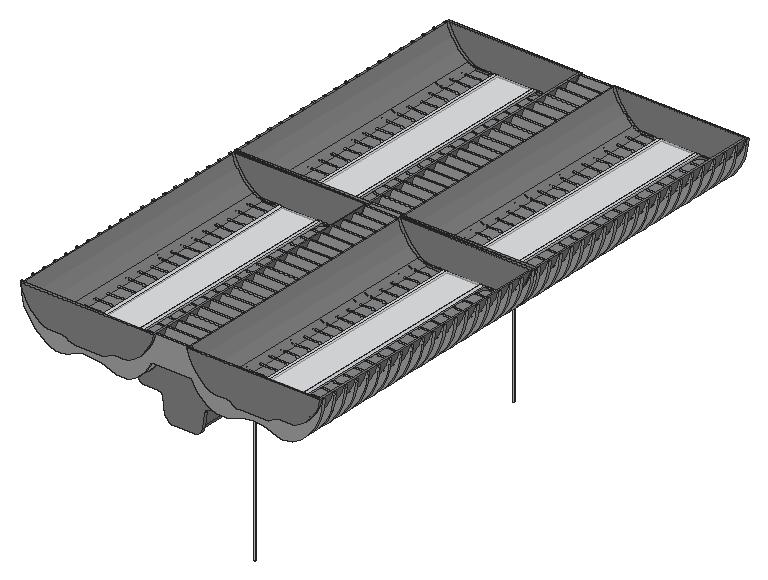
Revit family "0039264 Feilo Sylvania Lighting Fixtures SYLBAY LED 4000K 26KLM WIDE DALI", category Lighting Fixtures, host Face, Revit 2017
Family settings
  Host = Face
  Round Connector Dimension = Use Diameter
  Part Type = Normal
  OmniClass Number = 23.80.70.00
  OmniClass Title = Lighting
  Cut with Voids When Loaded = No
  Light Source = Yes
  Shared = No
  Room Calculation Point = No
Parameters (values of type "0039264 SYLBAY LED 4000K 26KLM WIDE DALI")
  WireRadius_FEILO = 1 mm
  Weight = "8.9 kg"
  Wattage Comments = "n/a"
  Wattage = 185 W
  WarrantyStartDate [instance] = "n/a"
  WarrantyGuarantorParts = "n/a"
  WarrantyDurationUnit = "n/a"
  WarrantyDurationParts = "n/a"
  WarrantyDescription = "n/a"
  built-in parameter 1150110 = 1 (stored number, unit not read)
  Voltage = 230 V
  URL = "http://www.sylvania-lighting.com"
  TypeName = "SYLBAY LED 4000K 26KLM WIDE DALI"
  Type Image = <None>
  Type Comments = "n/a"
  built-in parameter 1114217 = 1 (stored number, unit not read)
  Tilt Angle = -90.00°
  built-in parameter 1150109 = 1 (stored number, unit not read)
  built-in parameter 1150134 = 12
  SuspensionHeight_FEILO [instance] = if(SurfaceMounted_FEILO, 107 mm, SuspensionHeightEntry_FEILO)  # 300 mm
  SuspensionHeightEntry_FEILO [instance] = 300 mm
  SurfaceMounted_FEILO [instance] = no
  built-in parameter 1150113 = 1 (stored number, unit not read)
  SerialNumber [instance] = "n/a"
  ReflectorMaterial = none
  PowerFactor = 0
  PowerConsumption = "185 W"
  Photometric Web File = "0039264.ies"
  NominalLength = 650 mm
  NominalHeight = 105 mm
  NominalDepth = 375 mm
  Name = "SYLBAY LED 4000K 26KLM WIDE DALI"
  ModelReference = "SYLBAY LED 4000K 26KLM WIDE DALI"
  ModelNumber = "0039264"
  Model = "SYLBAY LED 4000K 26KLM WIDE DALI"
  Material = "aluminium housing"
  ManufacturerName = "Feilo Sylvania"
  Manufacturer = "Feilo Sylvania"
  LuminousEfficacy = "139.47 lm/W"
  built-in parameter 1150105 = 15175.6 (stored number, unit not read)
  Lumens = 25802 lm
  LuminaireType = ""
  built-in parameter 1150115 = 1 (stored number, unit not read)
  LightOutputRatio = "100"
  built-in parameter 1150137 = (empty or 0)
  built-in parameter 1150139 = (empty or 0)
  LampsType = Lamp  # "LED"
  LampNominalLuminous = "25942 lm"
  LampMacAdamStep = "n/a"
  LampColourTemperature = "4000 K"
  LampColourRenderingIndex = "80"
  built-in parameter 1150112 = 1 (stored number, unit not read)
  built-in parameter 1150114 = 1 (stored number, unit not read)
  Lamp = "LED"
  Keynote = "16500"
  InstallationDate [instance] = "n/a"
  InputVoltage = "220-240V~"
  InputNominalFrequency = "50/60 Hz"
  built-in parameter 1150132 = (empty or 0)
  built-in parameter 1150102 = (empty or 0)
  built-in parameter 1150107 = 4000 (stored number, unit not read)
  built-in parameter 1150138 = (empty or 0)
  IngressProtection = "IP65"
  ImpactProtectionIndex = "IK08"
  built-in parameter 1150106 = 151.76 (stored number, unit not read)
  IfcExportType = "IfcLightFixtureType"
  IfcExportAs = "IfcLightFixtureType"
  ExpectedLife = 50000
  Emit from Rectangle Width = 365 mm
  Emit from Rectangle Length = 645 mm
  Emit Shape Visible in Rendering = no
  ElectricShockClassification = "Class I"
  built-in parameter 1150104 = 12.957 (stored number, unit not read)
  DurationUnit = "hours"
  DocumentationLiterature = "http://www.sylvania-lighting.com/product/en-int/products/0039264"
  DimmingControlOptions = "Dimmable"
  Dimming Lamp Color Temperature Shift = <None>
  DiffuserMaterial = Diffuser-Sylvania-Sylbay-Transparent
  Description = "Specification industrial high bay luminaire, robust and durable, slim design, high output and efficiency, lightweight, aluminium housing with shatter-resistant polycarbonate lens optic, 26,000 lumens, 185W, 140lm/W, 4000K, 1400mA (x2), CRI 80, wide beam optic, DALI dimmable, IP65, IK08, 100,000 hrs (L90B10), (LxWxH) 665x375x105mm, 3 step MacAdam ellipse, 8.9kg, aluminium finish, Class 1, 220-240V, integrated LED, energy class: A++, A+, A."
  Default Elevation = 1219.2 mm
  CreatedOn = "17/11/2017"
  CreatedBy = ""
  Cost = 0
  Color Filter = 16777215
  built-in parameter 1114216 [instance] = (empty or 0)
  BodyMaterial = Body-Sylvania-Sylbay-Aluminium
  BarCode [instance] = "n/a"
  built-in parameter 1114218 = 1 (stored number, unit not read)
  built-in parameter 1150133 = 10 (stored number, unit not read)
  AssetType = "Fixed"
  AssetIdentifier [instance] = "n/a"
  Assembly Code = "D5020200"
  Apparent Load = 185 VA
  AccessoryMaterial = Accesory-Sylvania-Sylbay-White
Reference planes
  plane 1 "Center (Front/Back)": y = 0
  plane 2: z = 0
  plane 3 "Center (Left/Right)": x = 0
  plane 4: z = 300
  plane 5: y = -307
  plane 6: y = 200
  plane 7: y = -200
  plane 8: z = 237.522
  plane 9: z = 246.272
  plane 10: z = 227.522
  plane 11: z = 266.272
  plane 12: z = 256.272
  plane 13: z = 262.272
  plane 14: y = 307
  plane 15: y = -1
  plane 16: y = 1
  plane 17: y = -310
  plane 18: y = 310
  plane 19: z = 195
  plane 20: z = 193
Forms (mm)
  Extrusion 1, solid, material "Accesory-Sylvania-Sylbay-White" <- "AccessoryMaterial"
    sketch origin (0, 0, 0) x (1, 0, 0) y (0, 0, 1)
      loop
        arc (-39.258, 246.272) -> (-44.534, 242.283) -> (-50.507, 239.445) r 32.519
        arc (-50.507, 239.445) -> (-54.463, 232.388) -> (-48, 227.522) r 6.147
        line (-48, 227.522) -> (-32.102, 227.522)
        arc (-32.102, 227.522) -> (-26.92, 225.616) -> (-24.206, 220.808) r 8
        line (-24.206, 220.808) -> (-21.094, 201.713)
        arc (-21.094, 201.713) -> (-18.38, 196.905) -> (-13.198, 195) r 8
        line (-13.198, 195) -> (13.198, 195)
        arc (13.198, 195) -> (18.393, 196.916) -> (21.099, 201.746) r 8
        line (21.099, 201.746) -> (24.206, 220.808)
        arc (24.206, 220.808) -> (26.92, 225.616) -> (32.102, 227.522) r 8
        line (32.102, 227.522) -> (48, 227.522)
        arc (48, 227.522) -> (54.463, 232.388) -> (50.507, 239.445) r 6.147
        arc (50.507, 239.445) -> (44.534, 242.283) -> (39.258, 246.272) r 32.519
        arc (39.258, 246.272) -> (31.199, 255.531) -> (25.254, 266.272) r 58.361
        line (25.254, 266.272) -> (-25.254, 266.272)
        arc (-25.254, 266.272) -> (-31.199, 255.531) -> (-39.258, 246.272) r 58.361
    from -307 to 307
  Extrusion 2, solid, material "Body-Sylvania-Sylbay-Aluminium" <- "BodyMaterial", detail levels medium+fine
    sketch origin (0, 0, 0) x (1, 0, 0) y (0, 0, 1)
      loop
        arc (-32.102, 225.522) -> (-28.215, 224.093) -> (-26.18, 220.487) r 6
        line (-26.18, 220.487) -> (-23.068, 201.392)
        arc (-23.068, 201.392) -> (-19.676, 195.381) -> (-13.198, 193) r 10
        line (-13.198, 193) -> (13.198, 193)
        arc (13.198, 193) -> (19.69, 195.393) -> (23.074, 201.428) r 10
        line (23.074, 201.428) -> (26.18, 220.487)
        arc (26.18, 220.487) -> (28.215, 224.093) -> (32.102, 225.522) r 6
        line (32.102, 225.522) -> (47.932, 225.522)
        arc (47.932, 225.522) -> (54.718, 228.451) -> (56.343, 235.661) r 8.147
        arc (56.343, 235.661) -> (55.292, 237.506) -> (53.445, 238.553) r 4
        arc (53.445, 238.553) -> (45.865, 241.518) -> (39.258, 246.272) r 32.519
        arc (39.258, 246.272) -> (32.89, 253.237) -> (27.728, 261.137) r 58.361
        arc (27.728, 261.137) -> (25.523, 263.429) -> (22.456, 264.272) r 6
        line (22.456, 264.272) -> (-22.456, 264.272)
        arc (-22.456, 264.272) -> (-25.523, 263.429) -> (-27.728, 261.137) r 6
        arc (-27.728, 261.137) -> (-32.89, 253.237) -> (-39.258, 246.272) r 58.361
        arc (-39.258, 246.272) -> (-45.865, 241.518) -> (-53.445, 238.553) r 32.519
        arc (-53.445, 238.553) -> (-55.292, 237.506) -> (-56.343, 235.661) r 4
        arc (-56.343, 235.661) -> (-54.718, 228.451) -> (-47.932, 225.522) r 8.147
        line (-47.932, 225.522) -> (-32.102, 225.522)
    from 307 to 310
  Extrusion 3, solid, detail levels medium+fine
    sketch origin (0, 0, 0) x (1, 0, 0) y (0, 0, 1)
      loop
        line (-47.932, 225.522) -> (-32.102, 225.522)
        arc (-32.102, 225.522) -> (-28.215, 224.093) -> (-26.18, 220.487) r 6
        line (-26.18, 220.487) -> (-23.068, 201.392)
        arc (-23.068, 201.392) -> (-19.676, 195.381) -> (-13.198, 193) r 10
        line (-13.198, 193) -> (13.198, 193)
        arc (13.198, 193) -> (19.69, 195.393) -> (23.074, 201.428) r 10
        line (23.074, 201.428) -> (26.18, 220.487)
        arc (26.18, 220.487) -> (28.215, 224.093) -> (32.102, 225.522) r 6
        line (32.102, 225.522) -> (47.932, 225.522)
        arc (47.932, 225.522) -> (54.718, 228.451) -> (56.343, 235.661) r 8.147
        arc (56.343, 235.661) -> (55.292, 237.506) -> (53.445, 238.553) r 4
        arc (53.445, 238.553) -> (45.865, 241.518) -> (39.258, 246.272) r 32.519
        arc (39.258, 246.272) -> (32.89, 253.237) -> (27.728, 261.137) r 58.361
        arc (27.728, 261.137) -> (25.523, 263.429) -> (22.456, 264.272) r 6
        line (22.456, 264.272) -> (-22.456, 264.272)
        arc (-22.456, 264.272) -> (-25.523, 263.429) -> (-27.728, 261.137) r 6
        arc (-27.728, 261.137) -> (-32.89, 253.237) -> (-39.258, 246.272) r 58.361
        arc (-39.258, 246.272) -> (-45.865, 241.518) -> (-53.445, 238.553) r 32.519
        arc (-53.445, 238.553) -> (-55.292, 237.506) -> (-56.343, 235.661) r 4
        arc (-56.343, 235.661) -> (-54.718, 228.451) -> (-47.932, 225.522) r 8.147
    from -310 to -307
  Extrusion 4, solid
    sketch origin (-316.531, -4572, 195) x (-1, 0, 0) y (0, -1, 0)
      loop
        circle (-316.531, -4772) r 1
      loop
        circle (-316.531, -4372) r 1
    from 0 to -195
Dimensions and locks
  "SuspensionHeight_FEILO": plane 4 to plane 2
  equal spacing: plane 7, plane 1 "Center (Front/Back)", plane 6
  locked: plane 1 "Center (Front/Back)" to plane 6 at 200
  locked: plane 4 to plane 8 at 62.478
  locked: plane 4 to plane 9 at 53.728
  plane 4 to plane 10 = 72.478 mm
  locked: plane 4 to plane 11 at 33.728
  locked: plane 12 to plane 9 at 10
  locked: plane 13 to plane 12 at 6
  locked: plane 3 "Center (Left/Right)" to Extrusion 1 sketch curve at 48.447
  locked: Extrusion 1 sketch curve to plane 3 "Center (Left/Right)" at 48.447
  locked: plane 4 to Extrusion 1 sketch curve at 66.347  (x2)
  Extrusion 1 sketch curve to plane 3 "Center (Left/Right)" to Extrusion 1 sketch curve = 13.198 mm locked, 13.198 mm locked
  Extrusion 1 sketch curve to plane 3 "Center (Left/Right)" to Extrusion 1 sketch curve = 32.102 mm locked, 32.102 mm locked
  locked: plane 4 to Extrusion 1 sketch curve at 97  (x2)
  locked: plane 4 to Extrusion 1 sketch curve at 80.478  (x2)
  equal spacing: plane 15, plane 1 "Center (Front/Back)", plane 16
  locked: plane 10 to Extrusion 2 sketch curve at 2
  plane 10 to Extrusion 2 sketch curve = 2 mm
  locked: Extrusion 2 sketch curve to Extrusion 1 at 2  (x2)
  locked: Extrusion 2 sketch curve to plane 3 "Center (Left/Right)" at 52.466
  locked: plane 3 "Center (Left/Right)" to Extrusion 2 sketch curve at 52.466
  locked: plane 4 to Extrusion 2 sketch curve at 65.325  (x2)
  locked: plane 4 to Extrusion 2 sketch curve at 41.728  (x2)
  locked: plane 3 "Center (Left/Right)" to Extrusion 2 sketch curve at 22.456
  locked: Extrusion 2 sketch curve to plane 3 "Center (Left/Right)" at 22.456
  locked: plane 4 to plane 19 at 105
  locked: plane 19 to plane 20 at 2
  locked: plane 1 "Center (Front/Back)" to plane 18 at 310
  locked: plane 14 to plane 18 at 3
  locked: plane 17 to plane 1 "Center (Front/Back)" at 310
  locked: plane 17 to plane 5 at 3
  locked: plane 15 to plane 1 "Center (Front/Back)" at 1
  "WireRadius_FEILO": radius of Extrusion 4 sketch curve  (x2)
  aligned and locked: plane 2 to host face
  aligned and locked: level to host face
  aligned and locked: plane 10 to Extrusion 1 sketch curve
  aligned and locked: plane 5 to Extrusion 1
  aligned and locked: Extrusion 1 to plane 14
  aligned and locked: imposter light to plane 4
  aligned and locked: plane 3 "Center (Left/Right)" to imposter light
  aligned and locked: plane 1 "Center (Front/Back)" to imposter light
  aligned and locked: plane 17 to Extrusion 2
  aligned and locked: Extrusion 2 to plane 5
  aligned and locked: Extrusion 3 sketch curve to Extrusion 2  (x15)
  aligned and locked: Extrusion 3 to Extrusion 1
  aligned and locked: Extrusion 3 to plane 18
  aligned and locked: Extrusion 1 sketch curve to plane 19
  aligned and locked: plane 7 to Extrusion 4 sketch curve
  aligned and locked: plane 3 "Center (Left/Right)" to Extrusion 4 sketch curve  (x2)
  aligned and locked: plane 6 to Extrusion 4 sketch curve
  aligned and locked: Extrusion 1 to Extrusion 4
  aligned and locked: Extrusion 4 to level
  aligned and locked: plane 20 to Extrusion 2 sketch curve
  aligned and locked: plane 3 "Center (Left/Right)" to nested 1
  aligned and locked: plane 3 "Center (Left/Right)" to nested 22
  aligned and locked: plane 15 to nested 22
  aligned and locked: plane 16 to nested 1
Automatic sketch dimensions
  host sketch curve to host sketch curve = 2438.4 mm  (x2)
  Extrusion 1 sketch curve to plane 9 = 0 mm  (x4)
  Extrusion 1 sketch curve to plane 10 = 0 mm
  plane 11 to Extrusion 1 sketch curve = 3.811 mm
  Extrusion 1 sketch curve to Extrusion 1 sketch curve = 36.151 mm  (x2)
  Extrusion 1 sketch curve to plane 4 = 10.994 mm  (x2)
  Extrusion 1 sketch curve to plane 11 = 0 mm
  plane 9 to Extrusion 1 sketch curve = 23.811 mm
  Extrusion 1 sketch curve to plane 10 = 6.713 mm  (x2)
  plane 19 to Extrusion 1 sketch curve = 6.713 mm
  Extrusion 3 sketch curve to plane 10 = 7.035 mm  (x2)
  plane 19 to Extrusion 3 sketch curve = 6.392 mm
  plane 19 to Extrusion 1 sketch curve = 6.746 mm
  plane 19 to Extrusion 3 sketch curve = 6.428 mm
  plane 3 "Center (Left/Right)" to Extrusion 1 sketch curve = 25.254 mm
  Extrusion 1 sketch curve to Extrusion 1 sketch curve = 0.447 mm  (x2)
  Extrusion 1 sketch curve to Extrusion 1 sketch curve = 12.959 mm
  Extrusion 2 sketch curve to plane 9 = 0 mm  (x4)
  plane 11 to Extrusion 2 sketch curve = 3.811 mm  (x2)
  Extrusion 2 sketch curve to Extrusion 2 sketch curve = 8.939 mm  (x2)
  Extrusion 2 sketch curve to plane 4 = 10.994 mm  (x2)
  Extrusion 2 sketch curve to Extrusion 2 sketch curve = 17.6 mm  (x2)
  Extrusion 2 sketch curve to Extrusion 2 sketch curve = 4.02 mm  (x2)
  Extrusion 2 sketch curve to Extrusion 2 sketch curve = 0.514 mm
  Extrusion 2 sketch curve to plane 10 = 8 mm
  Extrusion 2 sketch curve to plane 10 = 7.035 mm  (x2)
  plane 19 to Extrusion 2 sketch curve = 6.392 mm
  plane 19 to Extrusion 2 sketch curve = 8 mm
  plane 3 "Center (Left/Right)" to Extrusion 2 sketch curve = 13.198 mm
  plane 19 to Extrusion 2 sketch curve = 6.428 mm
  Extrusion 2 sketch curve to Extrusion 2 sketch curve = 5.922 mm
  Extrusion 2 sketch curve to Extrusion 2 sketch curve = 4.534 mm
  Extrusion 2 sketch curve to plane 8 = 3.869 mm  (x2)
  Extrusion 2 sketch curve to plane 11 = 2 mm
  Extrusion 2 sketch curve to Extrusion 2 sketch curve = 0 mm  (x2)
Nested families
  nested 1: "SylbayBody" at (0, 166, 266.272), type "SylbayBody"
  nested 2: "SlybayRib" at (0, 310.453, 300), type "SylbayRib"
  nested 3: "SlybayRib" at (0, 293.406, 300), type "SylbayRib"
  nested 4: "SlybayRib" at (0, 276.358, 300), type "SylbayRib"
  nested 5: "SlybayRib" at (0, 259.311, 300), type "SylbayRib"
  nested 6: "SlybayRib" at (0, 242.264, 300), type "SylbayRib"
  nested 7: "SlybayRib" at (0, 225.217, 300), type "SylbayRib"
  nested 8: "SlybayRib" at (0, 208.169, 300), type "SylbayRib"
  nested 9: "SlybayRib" at (0, 191.122, 300), type "SylbayRib"
  nested 10: "SlybayRib" at (0, 327.5, 300), type "SylbayRib"
  nested 11: "SlybayRib" at (0, 21.547, 300), type "SylbayRib"
  nested 12: "SlybayRib" at (0, 38.594, 300), type "SylbayRib"
  nested 13: "SlybayRib" at (0, 55.642, 300), type "SylbayRib"
  nested 14: "SlybayRib" at (0, 72.689, 300), type "SylbayRib"
  nested 15: "SlybayRib" at (0, 89.736, 300), type "SylbayRib"
  nested 16: "SlybayRib" at (0, 106.783, 300), type "SylbayRib"
  nested 17: "SlybayRib" at (0, 123.831, 300), type "SylbayRib"
  nested 18: "SlybayRib" at (0, 140.878, 300), type "SylbayRib"
  nested 19: "SlybayRib" at (0, 4.5, 300), type "SylbayRib"
  nested 20: "SlybayRib" at (0, 174.075, 300), type "SylbayRib"
  nested 21: "SlybayRib" at (0, 157.925, 300), type "SylbayRib"
  nested 22: "SylbayBody" at (0, -166, 266.272), type "SylbayBody"
  nested 23: "SlybayRib" at (0, -21.547, 300), type "SylbayRib"
  nested 24: "SlybayRib" at (0, -38.594, 300), type "SylbayRib"
  nested 25: "SlybayRib" at (0, -55.642, 300), type "SylbayRib"
  nested 26: "SlybayRib" at (0, -72.689, 300), type "SylbayRib"
  nested 27: "SlybayRib" at (0, -89.736, 300), type "SylbayRib"
  nested 28: "SlybayRib" at (0, -106.783, 300), type "SylbayRib"
  nested 29: "SlybayRib" at (0, -123.831, 300), type "SylbayRib"
  nested 30: "SlybayRib" at (0, -140.878, 300), type "SylbayRib"
  nested 31: "SlybayRib" at (0, -4.5, 300), type "SylbayRib"
  nested 32: "SlybayRib" at (0, -310.453, 300), type "SylbayRib"
  nested 33: "SlybayRib" at (0, -293.406, 300), type "SylbayRib"
  nested 34: "SlybayRib" at (0, -276.358, 300), type "SylbayRib"
  nested 35: "SlybayRib" at (0, -259.311, 300), type "SylbayRib"
  nested 36: "SlybayRib" at (0, -242.264, 300), type "SylbayRib"
  nested 37: "SlybayRib" at (0, -225.217, 300), type "SylbayRib"
  nested 38: "SlybayRib" at (0, -208.169, 300), type "SylbayRib"
  nested 39: "SlybayRib" at (0, -191.122, 300), type "SylbayRib"
  nested 40: "SlybayRib" at (0, -327.5, 300), type "SylbayRib"
  nested 41: "SlybayRib" at (0, -157.925, 300), type "SylbayRib"
  nested 42: "SlybayRib" at (0, -174.075, 300), type "SylbayRib"
Connectors
  electrical at (0, 0, 0), driven by "Apparent Load"
    settings: index 1, voltage 230 V, apparent load 185 VA, apparent load phase1 0 VA, apparent load phase2 0 VA, apparent load phase3 0 VA, power factor 0, load classification "Lighting", number of poles 1, system type 30, power factor state 1, is connector primary yes, connector utility no, sub classification motor no, connector description ""
Definition of nested family "SylbayBody"
  Parameters (values of type "SylbayBody")
    URL = "http://www.feilosylvania.com"
    Type Image = (empty or 0)
    Type Comments = "n/a"
    RibLast_FEILO = 161.5 mm
    RibDistance_FEILO = RibLast_FEILO / 10  # 16.15 mm
    ReflectorMaterial = none
    Model = ""
    Manufacturer = "Feilo Sylvania"
    Keynote = ""
    DiffuserMaterial = none
    Description = "n/a"
    Default Elevation = 1219.2 mm
    Cost = 0
    BodyMaterial = none
    Assembly Code = "D5020200"
    AccessoryMaterial = none
  Reference planes
    plane 1 "Center (Front/Back)": y = 0
    plane 2: z = 0
    plane 3 "Center (Left/Right)": x = 0
    plane 4: x = -187.5
    plane 5: x = 187.5
    plane 6: z = 33.728
    plane 7: y = -165
    plane 8: y = 165
    plane 9: y = -148
    plane 10: y = 160
    plane 11: y = -160
    plane 12: z = -28.75
    plane 13: z = -20
    plane 14: x = -102.75
    plane 15: x = 102.75
    plane 16: z = 0
    plane 17: x = -185.5
    plane 18: x = -20
    plane 19: z = -10
    plane 20: x = -122.75
    plane 21: x = -82.75
    plane 22: z = -4
    plane 23: x = -130.75
    plane 24: x = -74.75
    plane 25: x = -145.75
    plane 26: x = -59.75
    plane 27: x = -25.3
    plane 28: x = -183.5
    plane 29: x = -22
    plane 30: y = -163
    plane 31: y = 163
    plane 32: x = 25.3
    plane 33: x = -48
    plane 34: x = 48
    plane 35: x = 20
    plane 36: y = 148
    plane 37: y = -161.5
    plane 38: y = 161.5
    plane 39: y = -8.075
    plane 40: y = 8.075
    plane 41: y = -151
    plane 42: y = 151
    plane 43: y = 149
    plane 44: y = 152
    plane 45: z = -2
    plane 46: z = 0
  Forms (mm)
    Extrusion 1, solid
      sketch origin (4.2, 0, 0) x (1, 0, 0) y (0, 1, 0)
        loop
          line (-1219.2, 1219.2) -> (-1219.2, -1219.2) -> (1219.2, -1219.2) -> (1219.2, 1219.2) -> (-1219.2, 1219.2)
      from 0 to -304.8
    Extrusion 2, solid, material <- "BodyMaterial", detail levels coarse+medium
      sketch origin (0, 0, -234.25) x (1, 0, 0) y (0, 0, 1)
        loop
          arc (-187.5, 267.978) -> (-180.003, 237.85) -> (-159.829, 214.25) r 67.598
          arc (-159.829, 214.25) -> (-143.258, 206.411) -> (-125.169, 209.379) r 30.791
          arc (-125.169, 209.379) -> (-113.533, 213.402) -> (-101.25, 214.25) r 46.777
          arc (-101.25, 214.25) -> (-87.202, 212.214) -> (-73.664, 207.942) r 87.865
          arc (-73.664, 207.942) -> (-55.541, 206.076) -> (-39.258, 214.25) r 32.519
          arc (-39.258, 214.25) -> (-31.199, 223.509) -> (-25.254, 234.25) r 58.361
          line (-25.254, 234.25) -> (25.254, 234.25)
          arc (25.254, 234.25) -> (31.199, 223.509) -> (39.258, 214.25) r 58.361
          arc (39.258, 214.25) -> (55.541, 206.076) -> (73.664, 207.942) r 32.519
          arc (73.664, 207.942) -> (87.202, 212.214) -> (101.25, 214.25) r 87.865
          arc (101.25, 214.25) -> (113.533, 213.402) -> (125.169, 209.379) r 46.777
          arc (125.169, 209.379) -> (143.258, 206.411) -> (159.829, 214.25) r 30.791
          arc (159.829, 214.25) -> (180.003, 237.85) -> (187.5, 267.978) r 67.598
          line (187.5, 267.978) -> (185.5, 267.978)
          arc (185.5, 267.978) -> (176.042, 248.665) -> (160.084, 234.25) r 56.823
          arc (160.084, 234.25) -> (153.191, 231.269) -> (145.75, 230.25) r 27.682
          line (145.75, 230.25) -> (132.583, 230.25)
          arc (132.583, 230.25) -> (129.421, 229.737) -> (126.583, 228.25) r 10
          line (126.583, 228.25) -> (123.917, 226.25)
          arc (123.917, 226.25) -> (121.079, 224.763) -> (117.917, 224.25) r 10
          line (117.917, 224.25) -> (84.583, 224.25)
          arc (84.583, 224.25) -> (81.421, 224.763) -> (78.583, 226.25) r 10
          line (78.583, 226.25) -> (75.917, 228.25)
          arc (75.917, 228.25) -> (73.079, 229.737) -> (69.917, 230.25) r 10
          line (69.917, 230.25) -> (58.25, 230.25)
          arc (58.25, 230.25) -> (51.55, 231.273) -> (45.461, 234.25) r 22.443
          arc (45.461, 234.25) -> (30.027, 249.073) -> (20, 267.978) r 67.602
          line (20, 267.978) -> (-20, 267.978)
          arc (-20, 267.978) -> (-30.027, 249.073) -> (-45.461, 234.25) r 67.602
          arc (-45.461, 234.25) -> (-51.55, 231.273) -> (-58.25, 230.25) r 22.443
          line (-58.25, 230.25) -> (-69.917, 230.25)
          arc (-69.917, 230.25) -> (-73.079, 229.737) -> (-75.917, 228.25) r 10
          line (-75.917, 228.25) -> (-78.583, 226.25)
          arc (-78.583, 226.25) -> (-81.421, 224.763) -> (-84.583, 224.25) r 10
          line (-84.583, 224.25) -> (-117.917, 224.25)
          arc (-117.917, 224.25) -> (-121.079, 224.763) -> (-123.917, 226.25) r 10
          line (-123.917, 226.25) -> (-126.583, 228.25)
          arc (-126.583, 228.25) -> (-129.421, 229.737) -> (-132.583, 230.25) r 10
          line (-132.583, 230.25) -> (-145.75, 230.25)
          arc (-145.75, 230.25) -> (-153.191, 231.269) -> (-160.084, 234.25) r 27.682
          arc (-160.084, 234.25) -> (-176.042, 248.665) -> (-185.5, 267.978) r 56.823
          line (-185.5, 267.978) -> (-187.5, 267.978)
      from 160 to -160
    Extrusion 3, solid, material <- "BodyMaterial"
      sketch origin (0, 0, -234.25) x (1, 0, 0) y (0, 0, 1)
        loop
          arc (-145.75, 230.25) -> (-152.168, 231.276) -> (-157.947, 234.25) r 20.597
          arc (-157.947, 234.25) -> (-173.175, 249.257) -> (-183.5, 267.978) r 74.319
          line (-183.5, 267.978) -> (-185.5, 267.978)
          arc (-185.5, 267.978) -> (-176.042, 248.665) -> (-160.084, 234.25) r 56.823
          arc (-160.084, 234.25) -> (-153.191, 231.269) -> (-145.75, 230.25) r 27.682
        loop
          arc (-45.461, 234.25) -> (-30.027, 249.073) -> (-20, 267.978) r 67.602
          line (-20, 267.978) -> (-22, 267.978)
          arc (-22, 267.978) -> (-31.964, 249.398) -> (-46.63, 234.25) r 76.357
          arc (-46.63, 234.25) -> (-52.105, 231.278) -> (-58.25, 230.25) r 18.878
          arc (-58.25, 230.25) -> (-51.55, 231.273) -> (-45.461, 234.25) r 22.443
        loop
          arc (145.75, 230.25) -> (153.191, 231.269) -> (160.084, 234.25) r 27.682
          arc (160.084, 234.25) -> (176.042, 248.665) -> (185.5, 267.978) r 56.823
          line (185.5, 267.978) -> (183.5, 267.978)
          arc (183.5, 267.978) -> (173.175, 249.257) -> (157.947, 234.25) r 74.319
          arc (157.947, 234.25) -> (152.168, 231.276) -> (145.75, 230.25) r 20.597
        loop
          arc (45.461, 234.25) -> (51.55, 231.273) -> (58.25, 230.25) r 22.443
          arc (58.25, 230.25) -> (52.105, 231.278) -> (46.63, 234.25) r 18.878
          arc (46.63, 234.25) -> (31.964, 249.398) -> (22, 267.978) r 76.357
          line (22, 267.978) -> (20, 267.978)
          arc (20, 267.978) -> (30.027, 249.073) -> (45.461, 234.25) r 67.602
      from -160 to 160
    Extrusion 4, solid, material <- "BodyMaterial"
      sketch origin (0, -165, -843.85) x (0, 0, -1) y (1, 0, 0)
        loop
          arc (-837.85, -132.583) -> (-837.439, -130.054) -> (-836.25, -127.783) r 8
          line (-836.25, -127.783) -> (-834.25, -125.117)
          arc (-834.25, -125.117) -> (-832.466, -121.711) -> (-831.85, -117.917) r 12
          line (-831.85, -117.917) -> (-831.85, -84.583)
          arc (-831.85, -84.583) -> (-832.466, -80.789) -> (-834.25, -77.383) r 12
          line (-834.25, -77.383) -> (-836.25, -74.717)
          arc (-836.25, -74.717) -> (-837.439, -72.446) -> (-837.85, -69.917) r 8
          line (-837.85, -69.917) -> (-837.85, -58.25)
          arc (-837.85, -58.25) -> (-838.965, -50.953) -> (-842.206, -44.322) r 24.443
          arc (-842.206, -44.322) -> (-857.666, -28.923) -> (-877.578, -20) r 60.581
          line (-877.578, -20) -> (-877.578, -22)
          arc (-877.578, -22) -> (-858.998, -31.964) -> (-843.85, -46.63) r 76.357
          arc (-843.85, -46.63) -> (-840.878, -52.105) -> (-839.85, -58.25) r 18.878
          line (-839.85, -58.25) -> (-839.85, -69.917)
          arc (-839.85, -69.917) -> (-839.337, -73.079) -> (-837.85, -75.917) r 10
          line (-837.85, -75.917) -> (-835.85, -78.583)
          arc (-835.85, -78.583) -> (-834.363, -81.421) -> (-833.85, -84.583) r 10
          line (-833.85, -84.583) -> (-833.85, -117.917)
          arc (-833.85, -117.917) -> (-834.363, -121.079) -> (-835.85, -123.917) r 10
          line (-835.85, -123.917) -> (-837.85, -126.583)
          arc (-837.85, -126.583) -> (-839.337, -129.421) -> (-839.85, -132.583) r 10
          line (-839.85, -132.583) -> (-839.85, -145.75)
          arc (-839.85, -145.75) -> (-840.876, -152.168) -> (-843.85, -157.947) r 20.597
          arc (-843.85, -157.947) -> (-858.857, -173.175) -> (-877.578, -183.5) r 74.319
          line (-877.578, -183.5) -> (-877.578, -185.5)
          arc (-877.578, -185.5) -> (-857.235, -177.123) -> (-842.139, -161.119) r 52.287
          arc (-842.139, -161.119) -> (-838.942, -153.728) -> (-837.85, -145.75) r 29.682
          line (-837.85, -145.75) -> (-837.85, -132.583)
        loop
          line (-837.85, 132.583) -> (-837.85, 145.75)
          arc (-837.85, 145.75) -> (-838.942, 153.728) -> (-842.139, 161.119) r 29.682
          arc (-842.139, 161.119) -> (-857.235, 177.123) -> (-877.578, 185.5) r 52.287
          line (-877.578, 185.5) -> (-877.578, 183.5)
          arc (-877.578, 183.5) -> (-858.857, 173.175) -> (-843.85, 157.947) r 74.319
          arc (-843.85, 157.947) -> (-840.876, 152.168) -> (-839.85, 145.75) r 20.597
          line (-839.85, 145.75) -> (-839.85, 132.583)
          arc (-839.85, 132.583) -> (-839.337, 129.421) -> (-837.85, 126.583) r 10
          line (-837.85, 126.583) -> (-835.85, 123.917)
          arc (-835.85, 123.917) -> (-834.363, 121.079) -> (-833.85, 117.917) r 10
          line (-833.85, 117.917) -> (-833.85, 84.583)
          arc (-833.85, 84.583) -> (-834.363, 81.421) -> (-835.85, 78.583) r 10
          line (-835.85, 78.583) -> (-837.85, 75.917)
          arc (-837.85, 75.917) -> (-839.337, 73.079) -> (-839.85, 69.917) r 10
          line (-839.85, 69.917) -> (-839.85, 58.25)
          arc (-839.85, 58.25) -> (-840.878, 52.105) -> (-843.85, 46.63) r 18.878
          arc (-843.85, 46.63) -> (-858.998, 31.964) -> (-877.578, 22) r 76.357
          line (-877.578, 22) -> (-877.578, 20)
          arc (-877.578, 20) -> (-857.666, 28.923) -> (-842.206, 44.322) r 60.581
          arc (-842.206, 44.322) -> (-838.965, 50.953) -> (-837.85, 58.25) r 24.443
          line (-837.85, 58.25) -> (-837.85, 69.917)
          arc (-837.85, 69.917) -> (-837.439, 72.446) -> (-836.25, 74.717) r 8
          line (-836.25, 74.717) -> (-834.25, 77.383)
          arc (-834.25, 77.383) -> (-832.466, 80.789) -> (-831.85, 84.583) r 12
          line (-831.85, 84.583) -> (-831.85, 117.917)
          arc (-831.85, 117.917) -> (-832.466, 121.711) -> (-834.25, 125.117) r 12
          line (-834.25, 125.117) -> (-836.25, 127.783)
          arc (-836.25, 127.783) -> (-837.439, 130.054) -> (-837.85, 132.583) r 8
      from -2 to -5
    Extrusion 5, solid, material <- "BodyMaterial"
      sketch origin (0, 165, -843.85) x (0, 0, -1) y (1, 0, 0)
        loop
          line (-831.85, -117.917) -> (-831.85, -84.583)
          arc (-831.85, -84.583) -> (-832.466, -80.789) -> (-834.25, -77.383) r 12
          line (-834.25, -77.383) -> (-836.25, -74.717)
          arc (-836.25, -74.717) -> (-837.439, -72.446) -> (-837.85, -69.917) r 8
          line (-837.85, -69.917) -> (-837.85, -58.25)
          arc (-837.85, -58.25) -> (-838.965, -50.953) -> (-842.206, -44.322) r 24.443
          arc (-842.206, -44.322) -> (-857.666, -28.923) -> (-877.578, -20) r 60.581
          line (-877.578, -20) -> (-877.578, -22)
          arc (-877.578, -22) -> (-858.998, -31.964) -> (-843.85, -46.63) r 76.357
          arc (-843.85, -46.63) -> (-840.878, -52.105) -> (-839.85, -58.25) r 18.878
          line (-839.85, -58.25) -> (-839.85, -69.917)
          arc (-839.85, -69.917) -> (-839.337, -73.079) -> (-837.85, -75.917) r 10
          line (-837.85, -75.917) -> (-835.85, -78.583)
          arc (-835.85, -78.583) -> (-834.363, -81.421) -> (-833.85, -84.583) r 10
          line (-833.85, -84.583) -> (-833.85, -117.917)
          arc (-833.85, -117.917) -> (-834.363, -121.079) -> (-835.85, -123.917) r 10
          line (-835.85, -123.917) -> (-837.85, -126.583)
          arc (-837.85, -126.583) -> (-839.337, -129.421) -> (-839.85, -132.583) r 10
          line (-839.85, -132.583) -> (-839.85, -145.75)
          arc (-839.85, -145.75) -> (-840.876, -152.168) -> (-843.85, -157.947) r 20.597
          arc (-843.85, -157.947) -> (-858.857, -173.175) -> (-877.578, -183.5) r 74.319
          line (-877.578, -183.5) -> (-877.578, -185.5)
          arc (-877.578, -185.5) -> (-857.235, -177.123) -> (-842.139, -161.119) r 52.287
          arc (-842.139, -161.119) -> (-838.942, -153.728) -> (-837.85, -145.75) r 29.682
          line (-837.85, -145.75) -> (-837.85, -132.583)
          arc (-837.85, -132.583) -> (-837.439, -130.054) -> (-836.25, -127.783) r 8
          line (-836.25, -127.783) -> (-834.25, -125.117)
          arc (-834.25, -125.117) -> (-832.466, -121.711) -> (-831.85, -117.917) r 12
        loop
          line (-831.85, 84.583) -> (-831.85, 117.917)
          arc (-831.85, 117.917) -> (-832.466, 121.711) -> (-834.25, 125.117) r 12
          line (-834.25, 125.117) -> (-836.25, 127.783)
          arc (-836.25, 127.783) -> (-837.439, 130.054) -> (-837.85, 132.583) r 8
          line (-837.85, 132.583) -> (-837.85, 145.75)
          arc (-837.85, 145.75) -> (-838.942, 153.728) -> (-842.139, 161.119) r 29.682
          arc (-842.139, 161.119) -> (-857.235, 177.123) -> (-877.578, 185.5) r 52.287
          line (-877.578, 185.5) -> (-877.578, 183.5)
          arc (-877.578, 183.5) -> (-858.857, 173.175) -> (-843.85, 157.947) r 74.319
          arc (-843.85, 157.947) -> (-840.876, 152.168) -> (-839.85, 145.75) r 20.597
          line (-839.85, 145.75) -> (-839.85, 132.583)
          arc (-839.85, 132.583) -> (-839.337, 129.421) -> (-837.85, 126.583) r 10
          line (-837.85, 126.583) -> (-835.85, 123.917)
          arc (-835.85, 123.917) -> (-834.363, 121.079) -> (-833.85, 117.917) r 10
          line (-833.85, 117.917) -> (-833.85, 84.583)
          arc (-833.85, 84.583) -> (-834.363, 81.421) -> (-835.85, 78.583) r 10
          line (-835.85, 78.583) -> (-837.85, 75.917)
          arc (-837.85, 75.917) -> (-839.337, 73.079) -> (-839.85, 69.917) r 10
          line (-839.85, 69.917) -> (-839.85, 58.25)
          arc (-839.85, 58.25) -> (-840.878, 52.105) -> (-843.85, 46.63) r 18.878
          arc (-843.85, 46.63) -> (-858.998, 31.964) -> (-877.578, 22) r 76.357
          line (-877.578, 22) -> (-877.578, 20)
          arc (-877.578, 20) -> (-857.666, 28.923) -> (-842.206, 44.322) r 60.581
          arc (-842.206, 44.322) -> (-838.965, 50.953) -> (-837.85, 58.25) r 24.443
          line (-837.85, 58.25) -> (-837.85, 69.917)
          arc (-837.85, 69.917) -> (-837.439, 72.446) -> (-836.25, 74.717) r 8
          line (-836.25, 74.717) -> (-834.25, 77.383)
          arc (-834.25, 77.383) -> (-832.466, 80.789) -> (-831.85, 84.583) r 12
      from 2 to 5
    Extrusion 6, solid, material <- "BodyMaterial"
      sketch origin (0, 165, -843.85) x (0, 0, -1) y (1, 0, 0)
        loop
          arc (-842.206, -44.322) -> (-857.666, -28.923) -> (-877.578, -20) r 60.581
          line (-877.578, -20) -> (-877.578, -185.5)
          arc (-877.578, -185.5) -> (-857.235, -177.123) -> (-842.139, -161.119) r 52.287
          arc (-842.139, -161.119) -> (-838.942, -153.728) -> (-837.85, -145.75) r 29.682
          line (-837.85, -145.75) -> (-837.85, -132.583)
          arc (-837.85, -132.583) -> (-837.439, -130.054) -> (-836.25, -127.783) r 8
          line (-836.25, -127.783) -> (-834.25, -125.117)
          arc (-834.25, -125.117) -> (-832.466, -121.711) -> (-831.85, -117.917) r 12
          line (-831.85, -117.917) -> (-831.85, -84.583)
          arc (-831.85, -84.583) -> (-832.466, -80.789) -> (-834.25, -77.383) r 12
          line (-834.25, -77.383) -> (-836.25, -74.717)
          arc (-836.25, -74.717) -> (-837.439, -72.446) -> (-837.85, -69.917) r 8
          line (-837.85, -69.917) -> (-837.85, -58.25)
          arc (-837.85, -58.25) -> (-838.965, -50.953) -> (-842.206, -44.322) r 24.443
        loop
          arc (-877.578, 20) -> (-857.666, 28.923) -> (-842.206, 44.322) r 60.581
          arc (-842.206, 44.322) -> (-838.965, 50.953) -> (-837.85, 58.25) r 24.443
          line (-837.85, 58.25) -> (-837.85, 69.917)
          arc (-837.85, 69.917) -> (-837.439, 72.446) -> (-836.25, 74.717) r 8
          line (-836.25, 74.717) -> (-834.25, 77.383)
          arc (-834.25, 77.383) -> (-832.466, 80.789) -> (-831.85, 84.583) r 12
          line (-831.85, 84.583) -> (-831.85, 117.917)
          arc (-831.85, 117.917) -> (-832.466, 121.711) -> (-834.25, 125.117) r 12
          line (-834.25, 125.117) -> (-836.25, 127.783)
          arc (-836.25, 127.783) -> (-837.439, 130.054) -> (-837.85, 132.583) r 8
          line (-837.85, 132.583) -> (-837.85, 145.75)
          arc (-837.85, 145.75) -> (-838.942, 153.728) -> (-842.139, 161.119) r 29.682
          arc (-842.139, 161.119) -> (-857.235, 177.123) -> (-877.578, 185.5) r 52.287
          line (-877.578, 185.5) -> (-877.578, 20)
      from 0 to 2
    Extrusion 7, solid, material <- "BodyMaterial"
      sketch origin (0, -165, -843.85) x (0, 0, -1) y (1, 0, 0)
        loop
          line (-877.578, -20) -> (-877.578, -185.5)
          arc (-877.578, -185.5) -> (-857.235, -177.123) -> (-842.139, -161.119) r 52.287
          arc (-842.139, -161.119) -> (-838.942, -153.728) -> (-837.85, -145.75) r 29.682
          line (-837.85, -145.75) -> (-837.85, -132.583)
          arc (-837.85, -132.583) -> (-837.439, -130.054) -> (-836.25, -127.783) r 8
          line (-836.25, -127.783) -> (-834.25, -125.117)
          arc (-834.25, -125.117) -> (-832.466, -121.711) -> (-831.85, -117.917) r 12
          line (-831.85, -117.917) -> (-831.85, -84.583)
          arc (-831.85, -84.583) -> (-832.466, -80.789) -> (-834.25, -77.383) r 12
          line (-834.25, -77.383) -> (-836.25, -74.717)
          arc (-836.25, -74.717) -> (-837.439, -72.446) -> (-837.85, -69.917) r 8
          line (-837.85, -69.917) -> (-837.85, -58.25)
          arc (-837.85, -58.25) -> (-838.965, -50.953) -> (-842.206, -44.322) r 24.443
          arc (-842.206, -44.322) -> (-857.666, -28.923) -> (-877.578, -20) r 60.581
        loop
          line (-877.578, 185.5) -> (-877.578, 20)
          arc (-877.578, 20) -> (-857.666, 28.923) -> (-842.206, 44.322) r 60.581
          arc (-842.206, 44.322) -> (-838.965, 50.953) -> (-837.85, 58.25) r 24.443
          line (-837.85, 58.25) -> (-837.85, 69.917)
          arc (-837.85, 69.917) -> (-837.439, 72.446) -> (-836.25, 74.717) r 8
          line (-836.25, 74.717) -> (-834.25, 77.383)
          arc (-834.25, 77.383) -> (-832.466, 80.789) -> (-831.85, 84.583) r 12
          line (-831.85, 84.583) -> (-831.85, 117.917)
          arc (-831.85, 117.917) -> (-832.466, 121.711) -> (-834.25, 125.117) r 12
          line (-834.25, 125.117) -> (-836.25, 127.783)
          arc (-836.25, 127.783) -> (-837.439, 130.054) -> (-837.85, 132.583) r 8
          line (-837.85, 132.583) -> (-837.85, 145.75)
          arc (-837.85, 145.75) -> (-838.942, 153.728) -> (-842.139, 161.119) r 29.682
          arc (-842.139, 161.119) -> (-857.235, 177.123) -> (-877.578, 185.5) r 52.287
      from 0 to -2
    Extrusion 8, solid, detail levels medium+fine
      sketch origin (0, 0, -234.25) x (1, 0, 0) y (0, 0, 1)
        loop
          arc (-123.917, 226.25) -> (-121.079, 224.763) -> (-117.917, 224.25) r 10
          line (-117.917, 224.25) -> (-84.583, 224.25)
          arc (-84.583, 224.25) -> (-81.421, 224.763) -> (-78.583, 226.25) r 10
          line (-78.583, 226.25) -> (-75.917, 228.25)
          arc (-75.917, 228.25) -> (-75.417, 229.25) -> (-75.917, 230.25) r 1.25
          line (-75.917, 230.25) -> (-79.782, 230.25) -> (-79.782, 228.278) -> (-122.75, 228.278) -> (-122.75, 230.25) -> (-126.583, 230.25)
          arc (-126.583, 230.25) -> (-127.083, 229.25) -> (-126.583, 228.25) r 1.25
          line (-126.583, 228.25) -> (-123.917, 226.25)
        loop
          line (123.917, 226.25) -> (126.583, 228.25)
          arc (126.583, 228.25) -> (127.083, 229.25) -> (126.583, 230.25) r 1.25
          line (126.583, 230.25) -> (122.75, 230.25) -> (122.75, 228.278) -> (79.782, 228.278) -> (79.782, 230.25) -> (75.917, 230.25)
          arc (75.917, 230.25) -> (75.417, 229.25) -> (75.917, 228.25) r 1.25
          line (75.917, 228.25) -> (78.583, 226.25)
          arc (78.583, 226.25) -> (81.421, 224.763) -> (84.583, 224.25) r 10
          line (84.583, 224.25) -> (117.917, 224.25)
          arc (117.917, 224.25) -> (121.079, 224.763) -> (123.917, 226.25) r 10
      from -163 to 163
    Extrusion 9, solid, material <- "DiffuserMaterial", detail levels medium+fine
      sketch origin (0, 0, -234.25) x (1, 0, 0) y (0, 0, 1)
        loop
          line (-122.75, 230.25) -> (-122.75, 228.278) -> (-79.782, 228.278) -> (-79.782, 230.25) -> (-122.75, 230.25)
        loop
          line (79.782, 230.25) -> (79.782, 228.278) -> (122.75, 228.278) -> (122.75, 230.25) -> (79.782, 230.25)
      from -163 to 163
  Cuts and joins
    joined: Extrusion 3, Extrusion 4, Extrusion 5, Extrusion 6, Extrusion 7
  Dimensions and locks
    equal spacing: plane 5, plane 3 "Center (Left/Right)", plane 4
    locked: plane 5 to plane 4 at 375
    equal spacing: plane 7, plane 1 "Center (Front/Back)", plane 8
    locked: plane 7 to plane 8 at 330
    locked: plane 6 to plane 12 at 62.478
    locked: plane 6 to plane 13 at 53.728
    equal spacing: plane 15, plane 3 "Center (Left/Right)", plane 14
    plane 3 "Center (Left/Right)" to plane 14 = 102.75 mm
    locked: plane 6 to plane 16 at 33.728
    equal spacing: plane 18, plane 14, plane 17
    locked: plane 19 to plane 13 at 10
    equal spacing: plane 21, plane 14, plane 20
    locked: plane 14 to plane 20 at 20
    locked: plane 22 to plane 19 at 6
    equal spacing: plane 24, plane 14, plane 23
    locked: plane 20 to plane 23 at 8
    equal spacing: plane 26, plane 14, plane 25
    locked: plane 23 to plane 25 at 15
    locked: plane 18 to plane 27 at 5.3
    locked: plane 3 "Center (Left/Right)" to Extrusion 2 sketch curve at 83.982  (x2)
    locked: plane 3 "Center (Left/Right)" to Extrusion 2 sketch curve at 79.005  (x2)
    locked: plane 3 "Center (Left/Right)" to Extrusion 2 sketch curve at 119.907  (x2)
    locked: plane 3 "Center (Left/Right)" to Extrusion 2 sketch curve at 61.405  (x2)
    locked: plane 3 "Center (Left/Right)" to Extrusion 2 sketch curve at 138.973  (x2)
    locked: plane 3 "Center (Left/Right)" to Extrusion 2 sketch curve at 84.583  (x2)
    locked: plane 3 "Center (Left/Right)" to Extrusion 2 sketch curve at 117.917  (x2)
    locked: plane 3 "Center (Left/Right)" to Extrusion 2 sketch curve at 132.583  (x2)
    locked: plane 3 "Center (Left/Right)" to Extrusion 2 sketch curve at 69.917  (x2)
    locked: Extrusion 2 sketch curve to plane 6 at 21.825  (x2)
    locked: Extrusion 2 sketch curve to plane 6 at 0.822  (x2)
    locked: plane 6 to Extrusion 2 sketch curve at 10.994  (x2)
    locked: plane 6 to Extrusion 2 sketch curve at 15.285  (x2)
    locked: plane 6 to Extrusion 2 sketch curve at 31.076  (x2)
    locked: plane 6 to Extrusion 2 sketch curve at 33.728  (x4)
    locked: plane 6 to Extrusion 2 sketch curve at 29.917  (x2)
    locked: plane 6 to Extrusion 2 sketch curve at 47.728  (x4)
    locked: plane 6 to Extrusion 2 sketch curve at 100.413  (x2)
    locked: plane 6 to Extrusion 2 sketch curve at 141.419  (x2)
    locked: plane 3 "Center (Left/Right)" to Extrusion 2 sketch curve at 106.788  (x2)
    locked: plane 3 "Center (Left/Right)" to Extrusion 2 sketch curve at 104.198  (x2)
    locked: plane 3 "Center (Left/Right)" to Extrusion 2 sketch curve at 145.75  (x2)
    locked: plane 6 to Extrusion 2 sketch curve at 10.046  (x2)
    locked: Extrusion 2 sketch curve to plane 6 at 14.884  (x2)
    locked: plane 3 "Center (Left/Right)" to Extrusion 2 sketch curve at 130.661  (x2)
    equal spacing: plane 29, plane 14, plane 28
    locked: plane 28 to plane 17 at 2
    locked: plane 3 "Center (Left/Right)" to Extrusion 3 sketch curve at 58.25  (x2)
    locked: plane 3 "Center (Left/Right)" to Extrusion 3 sketch curve at 93.629  (x2)
    locked: plane 3 "Center (Left/Right)" to Extrusion 3 sketch curve at 113.936  (x2)
    locked: plane 3 "Center (Left/Right)" to Extrusion 3 sketch curve at 145.75  (x2)
    locked: plane 6 to Extrusion 3 sketch curve at 18.85  (x2)
    locked: plane 6 to Extrusion 3 sketch curve at 17.131  (x2)
    equal spacing: plane 11, plane 1 "Center (Front/Back)", plane 10
    plane 11 to plane 1 "Center (Front/Back)" = 160 mm
    equal spacing: plane 30, plane 1 "Center (Front/Back)", plane 31
    locked: plane 7 to plane 30 at 2
    locked: plane 22 to Extrusion 4 sketch curve at 2  (x4)
    locked: plane 19 to Extrusion 4 sketch curve at 2  (x2)
    locked: Extrusion 2 to Extrusion 4 sketch curve at 2  (x3)
    locked: Extrusion 4 sketch curve to Extrusion 2 at 2
    locked: Extrusion 8 sketch curve to plane 20 at 42.968
    locked: plane 22 to Extrusion 8 sketch curve at 1.972  (x2)
    locked: Extrusion 8 sketch curve to Extrusion 8 sketch curve at 42.968
    locked: plane 15 to Extrusion 8 sketch curve at 22.968
    equal spacing: plane 32, plane 3 "Center (Left/Right)", plane 27
    equal spacing: plane 34, plane 3 "Center (Left/Right)", plane 33
    plane 3 "Center (Left/Right)" to plane 33 = 48 mm
    equal spacing: plane 35, plane 3 "Center (Left/Right)", plane 18
    locked: plane 3 "Center (Left/Right)" to plane 18 at 20
    equal spacing: plane 9, plane 1 "Center (Front/Back)", plane 36
    locked: plane 9 to plane 1 "Center (Front/Back)" at 148
    equal spacing: plane 37, plane 1 "Center (Front/Back)", plane 38
    "RibLast_FEILO": plane 37 to plane 1 "Center (Front/Back)"
    equal spacing: plane 39, plane 1 "Center (Front/Back)", plane 40
    "RibDistance_FEILO": plane 39 to plane 40
    equal spacing: group 1, group 3, group 4, group 5, group 6, group 7, group 8, group 9, group 10, group 2  (x2)
    equal spacing: group 2, group 10, group 9, group 8, group 7, group 6, group 5, group 4, group 3, group 1
    equal spacing: group 11, group 13, group 14, group 15, group 16, group 17, group 18, group 19, group 20, group 12  (x3)
    equal spacing: plane 41, plane 1 "Center (Front/Back)", plane 42
    locked: plane 36 to plane 42 at 3
    locked: plane 36 to plane 43 at 1
    locked: plane 36 to plane 44 at 4
    locked: plane 16 to plane 45 at 2
    aligned and locked: plane 2 to Extrusion 1
    aligned and locked: level to Extrusion 1
    aligned and locked: plane 6 to Extrusion 2 sketch curve  (x2)
    aligned and locked: plane 4 to Extrusion 2 sketch curve
    aligned and locked: plane 22 to Extrusion 2 sketch curve
    aligned and locked: plane 19 to Extrusion 2 sketch curve
    aligned and locked: Extrusion 2 sketch curve to plane 22
    aligned and locked: plane 13 to Extrusion 2 sketch curve  (x3)
    aligned and locked: plane 11 to Extrusion 2
    aligned and locked: plane 17 to Extrusion 2 sketch curve
    aligned and locked: plane 25 to Extrusion 2 sketch curve
    aligned and locked: Extrusion 2 sketch curve to plane 6  (x3)
    aligned and locked: Extrusion 2 sketch curve to plane 16
    aligned and locked: Extrusion 3 sketch curve to Extrusion 2  (x5)
    aligned and locked: plane 16 to Extrusion 3 sketch curve
    aligned and locked: plane 28 to Extrusion 3 sketch curve
    aligned and locked: plane 6 to Extrusion 3 sketch curve  (x2)
    aligned and locked: plane 29 to Extrusion 3 sketch curve
    aligned and locked: Extrusion 3 sketch curve to plane 6  (x2)
    aligned and locked: Extrusion 2 to plane 10
    aligned and locked: Extrusion 3 to plane 10
    aligned and locked: plane 11 to Extrusion 3
    aligned and locked: Extrusion 4 sketch curve to Extrusion 3  (x6)
    aligned and locked: Extrusion 4 sketch curve to Extrusion 2  (x4)
    aligned and locked: Extrusion 4 to plane 11
    aligned and locked: Extrusion 5 sketch curve to Extrusion 4  (x36)
    aligned and locked: plane 10 to Extrusion 5
    aligned and locked: Extrusion 5 to plane 31
    aligned and locked: plane 30 to Extrusion 4
    aligned and locked: Extrusion 6 sketch curve to Extrusion 4  (x16)
    aligned and locked: Extrusion 6 sketch curve to Extrusion 2
    aligned and locked: Extrusion 6 sketch curve to Extrusion 3
    aligned and locked: plane 31 to Extrusion 6
    aligned and locked: Extrusion 6 to plane 8
    aligned and locked: Extrusion 7 sketch curve to Extrusion 6  (x18)
    aligned and locked: Extrusion 7 to plane 30
    aligned and locked: plane 7 to Extrusion 7
    aligned and locked: Extrusion 8 sketch curve to cut or joined group of Extrusion 3, Extrusion 4, Extrusion 5, Extrusion 6, Extrusion 7  (x3)
    aligned and locked: plane 22 to Extrusion 8 sketch curve  (x4)
    aligned and locked: Extrusion 8 sketch curve to plane 22  (x4)
    aligned and locked: plane 20 to Extrusion 8 sketch curve
    aligned and locked: Extrusion 8 to plane 31
    aligned and locked: plane 30 to Extrusion 8
    aligned and locked: Extrusion 9 sketch curve to Extrusion 8  (x8)
    aligned and locked: plane 30 to Extrusion 9
    aligned and locked: Extrusion 9 to plane 31
    aligned and locked: plane 3 "Center (Left/Right)" to nested 1
    aligned and locked: plane 39 to nested 1
    aligned and locked: plane 3 "Center (Left/Right)" to nested 2
    aligned and locked: plane 40 to nested 2
    aligned and locked: plane 2 to plane 46
    aligned and locked: plane 16 to level
  Automatic sketch dimensions
    Extrusion 1 sketch curve to Extrusion 1 sketch curve = 2438.4 mm  (x2)
    Extrusion 2 sketch curve to plane 16 = 0 mm  (x6)
    Extrusion 2 sketch curve to plane 13 = 0 mm  (x7)
    Extrusion 2 sketch curve to plane 35 = 0 mm
    Extrusion 2 sketch curve to plane 5 = 0 mm
    Extrusion 2 sketch curve to plane 19 = 0 mm
    Extrusion 2 sketch curve to plane 22 = 2 mm  (x3)
    Extrusion 2 sketch curve to plane 20 = 1.167 mm
    plane 19 to Extrusion 2 sketch curve = 2 mm  (x3)
    Extrusion 2 sketch curve to plane 24 = 1.167 mm
    Extrusion 3 sketch curve to plane 16 = 0 mm  (x11)
    Extrusion 3 sketch curve to plane 35 = 0 mm
    Extrusion 3 sketch curve to plane 22 = 0 mm  (x4)
    Extrusion 3 sketch curve to Extrusion 3 sketch curve = 9.647 mm
    Extrusion 3 sketch curve to Extrusion 3 sketch curve = 16.725 mm
    Extrusion 3 sketch curve to plane 5 = 2 mm
    Extrusion 4 sketch curve to Extrusion 4 sketch curve = 0 mm  (x13)
    Extrusion 4 sketch curve to plane 6 = 0 mm  (x2)
    Extrusion 4 sketch curve to plane 25 = 0 mm
    Extrusion 4 sketch curve to plane 16 = 0 mm  (x6)
    Extrusion 4 sketch curve to plane 22 = 0 mm  (x2)
    Extrusion 4 sketch curve to plane 19 = 0 mm
    Extrusion 4 sketch curve to plane 17 = 0 mm
    Extrusion 4 sketch curve to plane 18 = 0 mm
    Extrusion 4 sketch curve to plane 35 = 0 mm
    Extrusion 4 sketch curve to plane 15 = 9.121 mm
    plane 6 to Extrusion 4 sketch curve = 26.45 mm
    plane 15 to Extrusion 4 sketch curve = 11.186 mm
    Extrusion 4 sketch curve to Extrusion 4 sketch curve = 0.292 mm
    plane 6 to Extrusion 4 sketch curve = 14.412 mm  (x2)
    plane 21 to Extrusion 4 sketch curve = 3.909 mm
    Extrusion 4 sketch curve to plane 23 = 3.295 mm
    plane 6 to Extrusion 4 sketch curve = 9.292 mm  (x2)
    Extrusion 4 sketch curve to Extrusion 4 sketch curve = 7.085 mm  (x2)
    Extrusion 4 sketch curve to plane 6 = 10.046 mm
    plane 34 to Extrusion 4 sketch curve = 10.25 mm
    Extrusion 4 sketch curve to plane 6 = 15.285 mm
    plane 26 to Extrusion 4 sketch curve = 1.5 mm
    Extrusion 4 sketch curve to Extrusion 4 sketch curve = 3.565 mm  (x2)
    Extrusion 4 sketch curve to plane 22 = 2 mm  (x3)
    Extrusion 4 sketch curve to plane 24 = 1.167 mm
    Extrusion 4 sketch curve to Extrusion 4 sketch curve = 1.6 mm  (x3)
    plane 24 to Extrusion 4 sketch curve = 0.033 mm
    plane 19 to Extrusion 4 sketch curve = 2 mm  (x3)
    Extrusion 4 sketch curve to plane 20 = 1.167 mm
    plane 19 to Extrusion 4 sketch curve = 0.4 mm  (x4)
    Extrusion 4 sketch curve to plane 19 = 4 mm  (x2)
    Extrusion 4 sketch curve to Extrusion 4 sketch curve = 14.788 mm
    Extrusion 4 sketch curve to Extrusion 4 sketch curve = 20.109 mm
    Extrusion 4 sketch curve to plane 5 = 2 mm
    Extrusion 5 sketch curve to plane 22 = 2 mm  (x3)
    Extrusion 5 sketch curve to plane 24 = 1.167 mm
    Extrusion 5 sketch curve to Extrusion 5 sketch curve = 1.6 mm  (x3)
    plane 24 to Extrusion 5 sketch curve = 0.033 mm
    plane 19 to Extrusion 5 sketch curve = 2 mm  (x3)
    Extrusion 5 sketch curve to plane 20 = 1.167 mm
    plane 19 to Extrusion 5 sketch curve = 0.4 mm  (x4)
    plane 19 to Extrusion 6 sketch curve = 2.4 mm  (x3)
    plane 24 to Extrusion 6 sketch curve = 0.033 mm
    plane 19 to Extrusion 6 sketch curve = 0.4 mm  (x4)
    plane 19 to Extrusion 7 sketch curve = 2.4 mm  (x3)
    plane 24 to Extrusion 7 sketch curve = 0.033 mm
    plane 19 to Extrusion 7 sketch curve = 0.4 mm  (x4)
    Extrusion 8 sketch curve to plane 19 = 0 mm
    Extrusion 8 sketch curve to plane 16 = 0 mm  (x2)
    Extrusion 8 sketch curve to plane 20 = 1.167 mm
    Extrusion 8 sketch curve to plane 22 = 1 mm  (x3)
    Extrusion 8 sketch curve to plane 20 = 3.083 mm
    Extrusion 8 sketch curve to Extrusion 8 sketch curve = 0.75 mm  (x4)
    Extrusion 8 sketch curve to plane 22 = 2 mm  (x3)
    plane 19 to Extrusion 8 sketch curve = 2 mm  (x3)
    Extrusion 8 sketch curve to plane 24 = 1.167 mm
    Extrusion 8 sketch curve to Extrusion 8 sketch curve = 3.865 mm
    Extrusion 8 sketch curve to Extrusion 8 sketch curve = 0 mm
    Extrusion 8 sketch curve to Extrusion 8 sketch curve = 1.198 mm
    Extrusion 8 sketch curve to Extrusion 8 sketch curve = 4.833 mm
    Extrusion 8 sketch curve to Extrusion 8 sketch curve = 3.083 mm
  Nested families
    nested 1: "SlybayRib" at (0, -8.075, 33.728), type "SylbayRib", detail levels fine
    nested 2: "SlybayRib" at (0, 8.075, 33.728), type "SylbayRib", detail levels fine
    nested 3: "SlybayRib" at (0, -161.5, 33.728), type "SylbayRib", detail levels fine
    nested 4: "SlybayRib" at (0, -25.122, 33.728), type "SylbayRib", detail levels fine
    nested 5: "SlybayRib" at (0, -42.169, 33.728), type "SylbayRib", detail levels fine
    nested 6: "SlybayRib" at (0, -59.217, 33.728), type "SylbayRib", detail levels fine
    nested 7: "SlybayRib" at (0, -76.264, 33.728), type "SylbayRib", detail levels fine
    nested 8: "SlybayRib" at (0, -93.311, 33.728), type "SylbayRib", detail levels fine
    nested 9: "SlybayRib" at (0, -110.358, 33.728), type "SylbayRib", detail levels fine
    nested 10: "SlybayRib" at (0, -127.406, 33.728), type "SylbayRib", detail levels fine
    nested 11: "SlybayRib" at (0, -144.453, 33.728), type "SylbayRib", detail levels fine
    nested 12: "SlybayRib" at (0, 161.5, 33.728), type "SylbayRib", detail levels fine
    nested 13: "SlybayRib" at (0, 25.122, 33.728), type "SylbayRib", detail levels fine
    nested 14: "SlybayRib" at (0, 42.169, 33.728), type "SylbayRib", detail levels fine
    nested 15: "SlybayRib" at (0, 59.217, 33.728), type "SylbayRib", detail levels fine
    nested 16: "SlybayRib" at (0, 76.264, 33.728), type "SylbayRib", detail levels fine
    nested 17: "SlybayRib" at (0, 93.311, 33.728), type "SylbayRib", detail levels fine
    nested 18: "SlybayRib" at (0, 110.358, 33.728), type "SylbayRib", detail levels fine
    nested 19: "SlybayRib" at (0, 127.406, 33.728), type "SylbayRib", detail levels fine
    nested 20: "SlybayRib" at (0, 144.453, 33.728), type "SylbayRib", detail levels fine
  Connectors
    electrical at (0, 0, 0)
      settings: index 1, voltage 230 V, apparent load 145 VA, apparent load phase1 0 VA, apparent load phase2 0 VA, apparent load phase3 0 VA, power factor 0, load classification none, number of poles 1, system type 30, power factor state 1, is connector primary yes, connector utility no, sub classification motor no, connector description ""
  Definition of nested family "SlybayRib"
    Parameters (values of type "SylbayRib")
      URL = "http://www.feilosylvania.com"
      Type Image = (empty or 0)
      Type Comments = "n/a"
      RibThickness_FEILO = 2.5 mm
      RibExtrusionStart_FEILO = RibThickness_FEILO / 2  # 1.25 mm
      RibExtrusionEnd_FEILO = -RibThickness_FEILO / 2  # -1.25 mm
      RibDistance_FEILO = 0 mm
      Model = ""
      Manufacturer = "Feilo Sylvania"
      Keynote = ""
      Description = "n/a"
      Default Elevation = 1219.2 mm
      Cost = 0
      BodyMaterial = none
      Assembly Code = ""
    Reference planes
      plane 1 "Center (Front/Back)": y = 0
      plane 2: z = 0
      plane 3 "Center (Left/Right)": x = 0
      plane 4: x = -187.5
      plane 5: x = 187.5
      plane 6: z = 0
      plane 7: z = -62.478
      plane 8: z = -53.728
      plane 9: x = -102.75
      plane 10: x = 102.75
      plane 11: z = -33.728
      plane 12: x = -185.5
      plane 13: x = -20
      plane 14: z = -43.728
      plane 15: x = -122.75
      plane 16: x = -82.75
      plane 17: z = -37.728
      plane 18: x = -130.75
      plane 19: x = -74.75
      plane 20: x = -145.75
      plane 21: x = -59.75
      plane 22: x = -25.3
    Forms (mm)
      Extrusion 1, solid
        sketch origin (4.2, 0, 0) x (1, 0, 0) y (0, 1, 0)
          loop
            line (-1219.2, 1219.2) -> (-1219.2, -1219.2) -> (1219.2, -1219.2) -> (1219.2, 1219.2) -> (-1219.2, 1219.2)
        from 0 to -304.8
      Extrusion 2, solid, material <- "BodyMaterial"
        sketch origin (0, 0, 0) x (1, 0, 0) y (0, 0, 1)
          loop
            arc (-187.5, 0) -> (-180.003, -30.129) -> (-159.829, -53.728) r 67.598
            arc (-159.829, -53.728) -> (-143.258, -61.567) -> (-125.169, -58.599) r 30.791
            arc (-125.169, -58.599) -> (-113.533, -54.576) -> (-101.25, -53.728) r 46.777
            arc (-101.25, -53.728) -> (-87.202, -55.765) -> (-73.664, -60.037) r 87.865
            arc (-73.664, -60.037) -> (-55.541, -61.903) -> (-39.258, -53.728) r 32.519
            arc (-39.258, -53.728) -> (-31.199, -44.469) -> (-25.254, -33.728) r 58.361
            line (-25.254, -33.728) -> (25.254, -33.728)
            arc (25.254, -33.728) -> (31.199, -44.469) -> (39.258, -53.728) r 58.361
            arc (39.258, -53.728) -> (55.541, -61.903) -> (73.664, -60.037) r 32.519
            arc (73.664, -60.037) -> (87.202, -55.765) -> (101.25, -53.728) r 87.865
            arc (101.25, -53.728) -> (113.533, -54.576) -> (125.169, -58.599) r 46.777
            arc (125.169, -58.599) -> (143.258, -61.567) -> (159.829, -53.728) r 30.791
            arc (159.829, -53.728) -> (180.003, -30.129) -> (187.5, 0) r 67.598
            line (187.5, 0) -> (185.5, 0)
            arc (185.5, 0) -> (176.046, -19.314) -> (160.088, -33.728) r 56.788
            arc (160.088, -33.728) -> (153.193, -36.71) -> (145.75, -37.728) r 27.697
            line (145.75, -37.728) -> (132.583, -37.728)
            arc (132.583, -37.728) -> (129.421, -38.242) -> (126.583, -39.728) r 10
            line (126.583, -39.728) -> (123.917, -41.728)
            arc (123.917, -41.728) -> (121.079, -43.215) -> (117.917, -43.728) r 10
            line (117.917, -43.728) -> (84.583, -43.728)
            arc (84.583, -43.728) -> (81.421, -43.215) -> (78.583, -41.728) r 10
            line (78.583, -41.728) -> (75.917, -39.728)
            arc (75.917, -39.728) -> (73.079, -38.242) -> (69.917, -37.728) r 10
            line (69.917, -37.728) -> (58.25, -37.728)
            arc (58.25, -37.728) -> (51.55, -36.705) -> (45.461, -33.728) r 22.443
            arc (45.461, -33.728) -> (30.027, -18.905) -> (20, 0) r 67.602
            line (20, 0) -> (-20, 0)
            arc (-20, 0) -> (-30.027, -18.905) -> (-45.461, -33.728) r 67.602
            arc (-45.461, -33.728) -> (-51.55, -36.705) -> (-58.25, -37.728) r 22.443
            line (-58.25, -37.728) -> (-69.917, -37.728)
            arc (-69.917, -37.728) -> (-73.079, -38.242) -> (-75.917, -39.728) r 10
            line (-75.917, -39.728) -> (-78.583, -41.728)
            arc (-78.583, -41.728) -> (-81.421, -43.215) -> (-84.583, -43.728) r 10
            line (-84.583, -43.728) -> (-117.917, -43.728)
